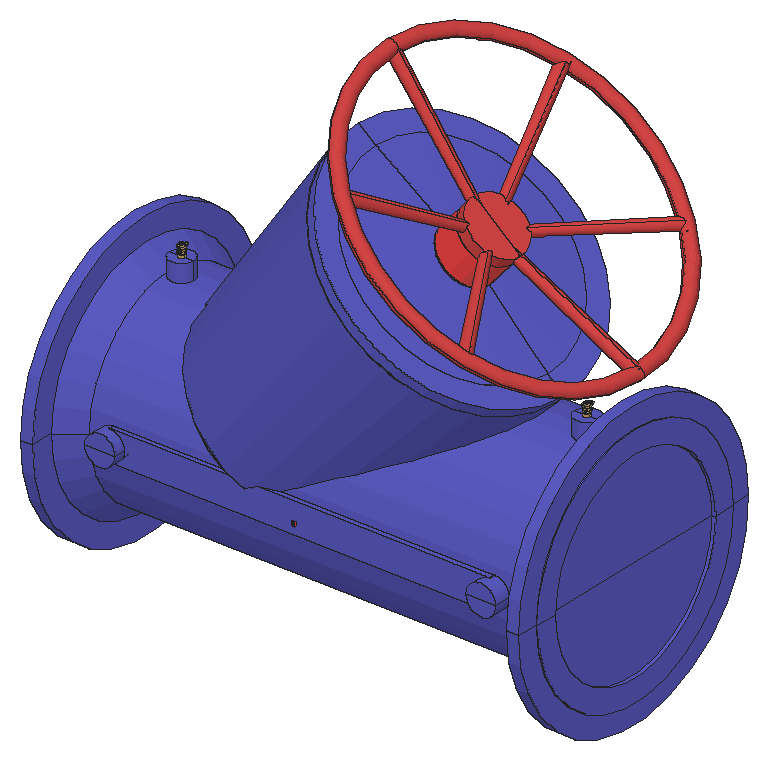
Revit family "Strangregulierventil für Differenzdruckmessung, Schrägsitzform 4218 GF PN16", category Rohrzubehör, Revit 2019
Family settings
  Bemaßung runder Anschluss = Durchmesser verwenden
  Teiletyp = Unterbricht
  OmniClass-Nummer = 23.65.55.14
  OmniClass-Titel = Valves for Liquid Services
  Arbeitsebenenbasiert = Nein
  Immer vertikal = Ja
  Beim Laden mit Abzugskörper schneiden = Nein
  Gemeinsam genutzt = Nein
Parameters
  kvs-Wert [instance] = if(Nennweite = 350.00 mm, 2917.6, if(Nennweite = 400.00 mm, 3854.8, if(Nennweite = 500.00 mm, 5250.6, 0)))  # 5250.6
  Zählvorrichtung = "Kunststoffmaterial"  # constant formula
  W02 = 60.00°  # constant formula
  W01 = 50.00°  # constant formula
  Ventilkegel = "Sphäroguss EN-GJS-400-15 gem. EN 1561/EPDM beschichtet"  # constant formula
  S01 [instance] = Nennweite + 10.00 mm  # 510.00 mm
  Regulierspindel = "Edelstahl"  # constant formula
  Oberteil = "Sphäroguss EN-GJS-400-15"  # constant formula
  O-Ringe = "EPDM"  # constant formula
  L04 [instance] = size_lookup("4218_GF_16_", "L4", 1.00 mm, Nennweite)  # 255.00 mm
  H11 = 85.00 mm  # constant formula
  H10 [instance] = H07 + H03  # 720.30 mm
  H08 = 47.00 mm  # constant formula
  H07 = 50.00 mm  # constant formula
  H06 = 27.00 mm  # constant formula
  H05 [instance] = H04 + 25.00 mm  # 605.00 mm
  H04 [instance] = size_lookup("4218_GF_16_", "H4", 1.00 mm, Nennweite)  # 580.00 mm
  H03 [instance] = size_lookup("4218_GF_16_", "H3", 1.00 mm, Nennweite)  # 670.30 mm
  Gewicht [instance] = if(Nennweite = 350.00 mm, "536.0 kg", if(Nennweite = 400.00 mm, "547.0 kg", if(Nennweite = 500.00 mm, "968.0 kg", "0")))  # "968.0 kg"
  Gehäuse = "Sphäroguss EN-GJS-400-15"  # constant formula
  URL = "www.herz-armaturen.at"
  SCRNSEQ = "ARM;ARM_TYP=\"STRV\";2"
  SCRNCODE = "05;07;02"  # constant formula
  R02 [instance] = size_lookup("4218_GF_16_", "R2", 1.00 mm, Nennweite)  # 30.00 mm
  R01 [instance] = size_lookup("4218_GF_16_", "R1", 1.00 mm, Nennweite)  # 37.50 mm
  Spindel = "Edelstahl"  # constant formula
  Nennweite [instance] = 500.00 mm
  Medium = "Heizwasserqualität entsprechend ÖNORM H 5195 bzw. VDI Richtlinie 2035.\r\nEthylen und Propylenglykol können in einem Verhältnis von 25-50 vol. [%] gemischt werden."
  Max. Betriebstemperatur = 110 °C  # constant formula
  Min. Betriebstemperatur = -10 °C  # constant formula
  Max. Betriebsdruck = 1600000.0 Pa  # constant formula
  L03 [instance] = size_lookup("4218_GF_16_", "L3", 1.00 mm, Nennweite)  # 505.00 mm
  L02 [instance] = size_lookup("4218_GF_16_", "L2", 1.00 mm, Nennweite)  # 475.00 mm
  L01 [instance] = size_lookup("4218_GF_16_", "L1", 1.00 mm, Nennweite)  # 533.50 mm
  L00 [instance] = size_lookup("4218_GF_16_", "L", 1.00 mm, Nennweite)  # 1250.00 mm
  Hersteller = "HERZ Armaturen Ges.m.b.H."  # constant formula
  H09 [instance] = H03  # 670.30 mm
  H02 [instance] = size_lookup("4218_GF_16_", "H2", 1.00 mm, Nennweite)  # 295.00 mm
  H01 [instance] = size_lookup("4218_GF_16_", "H1", 1.00 mm, Nennweite)  # 292.00 mm
  GT = 10.00 mm  # constant formula
  FLL02 [instance] = size_lookup("4218_GF_16_", "FLL2", 1.00 mm, Nennweite)  # 30.00 mm
  FLL01 [instance] = size_lookup("4218_GF_16_", "FLL1", 1.00 mm, Nennweite)  # 4.00 mm
  FLD03 [instance] = size_lookup("4218_GF_16_", "FLD3", 1.00 mm, Nennweite)  # 254.00 mm
  FLD02 [instance] = size_lookup("4218_GF_16_", "FLD2", 1.00 mm, Nennweite)  # 300.00 mm
  FLD01 [instance] = size_lookup("4218_GF_16_", "FLD1", 1.00 mm, Nennweite)  # 305.00 mm
  FLD00 [instance] = size_lookup("4218_GF_16_", "FLD", 1.00 mm, Nennweite)  # 357.50 mm
  Differenzdruckmessung = "Das STRÖMAX GF Strangregulierventil ist mit zwei Messventilen ausgestattet:\r\nSo ist es möglich, den Differenzdruck mit geeigneten Messgeräten zu messen und die Durchflussmenge entsprechend zu bestimmen."
  DN500 [instance] = Nennweite = 500.00 mm  # yes
  DN400 [instance] = Nennweite = 400.00 mm  # no
  DN350 [instance] = Nennweite = 350.00 mm  # no
  D05 = 75.00 mm  # constant formula
  D04 [instance] = size_lookup("4218_GF_16_", "D4", 1.00 mm, Nennweite)  # 54.00 mm
  D03 [instance] = size_lookup("4218_GF_16_", "D3", 1.00 mm, Nennweite)  # 275.00 mm
  D02 [instance] = D03 - 20.00 mm  # 255.00 mm
  D01 [instance] = size_lookup("4218_GF_16_", "D1", 1.00 mm, Nennweite)  # 334.00 mm
  D00 [instance] = size_lookup("4218_GF_16_", "D", 1.00 mm, Nennweite)  # 278.00 mm
  Bestellnummer [instance] = size_lookup("4218_GF_16_", "Artnr", 0, Nennweite)  # 1421892
  BH02 [instance] = -BH01  # -37.50 mm
  BH01 [instance] = size_lookup("4218_GF_16_", "BH1", 1.00 mm, Nennweite)  # 37.50 mm
  Ausführung = "STRÖMAX-GF-Strangregulierventil mit Messventilen, DN 350-500, Gehäuse Sphäroguss GJS 400-15 gem EN 1561, Flansch gem. EN 1092, PN 16, blaue Emaillierung.\r\nVentiloberteil Sphäroguss GJS 400-15, mit nicht steigen\u0002der Spindel, Spindelabdichtung mittels Dreifach-O-Ring.\r\nVoreinstellschritte werden digital angezeigt."
  Anwendungen = "Zum hydraulischen Abgleich in Heiz- oder Kühlsystemen zum Trennen von Sammelleitungen, Steigleitungen, Wärmetauschern, Heiz- und Kühlregistern."
  Anschluss [instance] = Nennweite / 2  # 250.00 mm
Reference planes
  plane 1 "Mitte (Vorne/hinten)": y = 0
  plane 2: z = 0
  plane 3 "Mitte (Links/rechts)": x = 0
Forms (mm)
  Revolve 1, solid, material "Herz-Marineblau", detail levels fine
    sketch origin (1058.943, 0, 0) x (1, 0, 0) y (0, 1, 0)
      loop
        line (-1679.943, 357.5) -> (-1679.943, 305) -> (-1683.943, 305) -> (-1683.943, 250) -> (-1673.943, 250) -> (-1673.943, 0) -> (-443.943, 0) -> (-443.943, 250) -> (-433.943, 250) -> (-433.943, 305) -> (-437.943, 305) -> (-437.943, 357.5) -> (-467.943, 357.5) -> (-467.943, 300) -> (-525.443, 254)
        arc (-525.443, 254) -> (-1058.943, 278) -> (-1592.443, 254) r 5941.63
        line (-1592.443, 254) -> (-1649.943, 300) -> (-1649.943, 357.5) -> (-1679.943, 357.5)
      axis (-1683.943, 0) -> (-433.943, 0)
    angle from 0 to 360
  Revolve 2, solid, material "Herz-Marineblau", detail levels fine
    sketch origin (0, 0, 0) x (1, 0, 0) y (0, 1, 0)
      loop
        line (-475, 292) -> (-512.5, 292) -> (-512.5, -292) -> (-475, -292) -> (-475, 292)
      axis (-475, 292) -> (-475, -292)
    angle from 0 to 360
  Revolve 3, solid, material "Herz-Marineblau", detail levels fine
    sketch origin (0, 0, 0) x (-1, 0, 0) y (0, 1, 0)
      loop
        line (-475, 292) -> (-512.5, 292) -> (-512.5, -292) -> (-475, -292) -> (-475, 292)
      axis (-475, 292) -> (-475, -292)
    angle from 0 to 360
  Revolve 4, solid, material "Herz-Marineblau", detail levels fine
    sketch origin (0, 0, 0) x (1, 0, 0) y (0, 0, 1)
      loop
        line (-505, 0) -> (-505, 295) -> (-535, 295) -> (-535, 0) -> (-505, 0)
      axis (-505, 295) -> (-505, 0)
    angle from 0 to 360
  Revolve 5, solid, material "Herz-Marineblau", detail levels fine
    sketch origin (0, 0, 0) x (-1, 0, 0) y (0, 0, 1)
      loop
        line (-505, 0) -> (-505, 295) -> (-535, 295) -> (-535, 0) -> (-505, 0)
      axis (-505, 295) -> (-505, 0)
    angle from 0 to 360
  Extrusion 6, solid, material "Herz-Marineblau", visible <- "DN500", detail levels fine
    sketch origin (0, 0, 0) x (1, 0, 0) y (0, 1, 0)
      loop
        arc (-475, -263.998) -> (0, -282.994) -> (475, -263.998) r 5948.094
        line (475, -263.998) -> (475, 263.998)
        arc (475, 263.998) -> (0, 282.994) -> (-475, 263.998) r 5948.094
        line (-475, 263.998) -> (-475, -263.998)
    from -37.5 <- "BH02" to 37.5 <- "BH01"
  Extrusion 7, solid, material "Herz-Marineblau", visible <- "DN400", detail levels fine
    sketch origin (0, 0, 0) x (1, 0, 0) y (0, 1, 0)
      loop
        arc (-410, -209.712) -> (0, -223.005) -> (410, -209.712) r 6329.849
        line (410, -209.712) -> (410, 209.712)
        arc (410, 209.712) -> (0, 223.005) -> (-410, 209.712) r 6329.849
        line (-410, 209.712) -> (-410, -209.712)
    from -37.5 <- "BH02" to 37.5 <- "BH01"
  Extrusion 8, solid, material "Herz-Marineblau", visible <- "DN350", detail levels fine
    sketch origin (0, 0, 0) x (1, 0, 0) y (0, 1, 0)
      loop
        arc (-390, -185.916) -> (0, -255.071) -> (390, -185.916) r 1134.286
        line (390, -185.916) -> (390, 185.916)
        arc (390, 185.916) -> (0, 255.071) -> (-390, 185.916) r 1134.286
        line (-390, 185.916) -> (-390, -185.916)
    from -37.5 <- "BH02" to 37.5 <- "BH01"
  Revolve 9, solid, material "Herz-Marineblau", detail levels fine
    sketch origin (0, 0, 0) x (1, 0, 0) y (0, 0, 1)
      loop
        line (-255, 0) -> (175.861, 513.48) -> (-79.998, 728.171) -> (-407.619, 245.94) -> (-408.367, 213.934) -> (-255, 0)
      axis (-255, 0) -> (175.861, 513.48)
    angle from 0 to 360
  Revolve 10, solid, material "Herz-Marineblau", detail levels fine
    sketch origin (0, 0, 0) x (1, 0, 0) y (0, 0, 1)
      loop
        line (175.861, 513.48) -> (208, 551.782) -> (150.547, 599.991) -> (148.618, 597.693)
        arc (148.618, 597.693) -> (66.389, 659.883) -> (-21.277, 714.143) r 1105.603
        line (-21.277, 714.143) -> (-62.643, 748.854) -> (-79.998, 728.171) -> (175.861, 513.48)
      axis (208, 551.782) -> (175.861, 513.48)
    angle from 0 to 360
  Revolve 11, solid, material "Kunsstoff rot", detail levels fine
    sketch origin (0, 0, 0) x (1, 0, 0) y (0, 0, 1)
      loop
        line (208, 551.782) -> (262.637, 616.896) -> (205.184, 665.105) -> (150.547, 599.991) -> (208, 551.782)
      axis (262.637, 616.896) -> (208, 551.782)
    angle from 0 to 360
Lines and regions (mm)
  model lines, detail levels coarse+medium
    curve 1: line (-625, 0, 357.5) -> (-625, 0, -357.5)
    curve 2: line (-625, 0, -357.5) -> (625, 0, 357.5)
    curve 3: line (625, 0, 357.5) -> (625, 0, -357.5)
    curve 4: line (625, 0, -357.5) -> (-625, 0, 357.5)
    curve 5: line (0, 0, 0) -> (386.998, 0, 670.3)
    curve 6: line (166.161, 0, 797.8) -> (607.834, 0, 542.8)
    curve 7: line (-625, 357.5, 0) -> (-625, -357.5, 0)
    curve 8: line (-625, -357.5, 0) -> (625, 357.5, 0)
    curve 9: line (625, 357.5, 0) -> (625, -357.5, 0)
    curve 10: line (625, -357.5, 0) -> (-625, 357.5, 0)
    curve 11: line (0, 0, 0) -> (386.998, 670.3, 0)
    curve 12: line (166.161, 797.8, 0) -> (607.834, 542.8, 0)
Dimensions and locks
  "FLD00": plane 1 "Mitte (Vorne/hinten)" to Revolve 1 sketch curve
  "FLD01": plane 1 "Mitte (Vorne/hinten)" to Revolve 1 sketch curve
  "FLD02": plane 1 "Mitte (Vorne/hinten)" to Revolve 1 sketch curve  (x2)
  "FLD03": plane 1 "Mitte (Vorne/hinten)" to Revolve 1 sketch curve  (x2)
  "GT": Revolve 1 sketch curve to Revolve 1 sketch curve  (x2)
  "FLL01": Revolve 1 sketch curve to Revolve 1 sketch curve  (x2)
  "FLL02": Revolve 1 sketch curve to Revolve 1 sketch curve  (x2)
  equal spacing: Revolve 1 sketch curve, plane 3 "Mitte (Links/rechts)", Revolve 1 sketch curve
  "Anschluss": Revolve 1 sketch curve to plane 1 "Mitte (Vorne/hinten)"
  "Anschluss": plane 1 "Mitte (Vorne/hinten)" to Revolve 1 sketch curve
  "FLD01": Revolve 1 sketch curve to plane 1 "Mitte (Vorne/hinten)"
  "FLD00": Revolve 1 sketch curve to plane 1 "Mitte (Vorne/hinten)"
  "L00": Revolve 1 sketch curve to Revolve 1 sketch curve
  "D00": plane 1 "Mitte (Vorne/hinten)" to Revolve 1 sketch curve
  "L01": Revolve 1 sketch curve to plane 3 "Mitte (Links/rechts)" to Revolve 1 sketch curve
  "L02": Revolve 2 sketch curve to plane 3 "Mitte (Links/rechts)"
  "R01": Revolve 2 sketch curve to Revolve 2 sketch curve
  "H01": Revolve 2 sketch curve to plane 1 "Mitte (Vorne/hinten)" to Revolve 2 sketch curve
  "L02": plane 3 "Mitte (Links/rechts)" to Revolve 3 sketch curve
  "R01": Revolve 3 sketch curve to Revolve 3 sketch curve
  "H01": Revolve 3 sketch curve to plane 1 "Mitte (Vorne/hinten)" to Revolve 3 sketch curve
  "L03": plane 3 "Mitte (Links/rechts)" to Revolve 4 sketch curve
  "R02": Revolve 4 sketch curve to Revolve 4 sketch curve
  "H02": Revolve 4 sketch curve to plane 2
  "R02": Revolve 5 sketch curve to Revolve 5 sketch curve
  "L03": Revolve 5 sketch curve to plane 3 "Mitte (Links/rechts)"
  "H02": Revolve 5 sketch curve to plane 2
  "L03": plane 3 "Mitte (Links/rechts)" to nested 1
  "L03": nested 2 to plane 3 "Mitte (Links/rechts)"
  "H02": nested 1 to plane 2
  "H02": nested 2 to plane 2
  "FLD00": curve 4 to plane 2 to curve 2
  "FLD00": curve 3 to plane 2 to curve 4
  equal spacing: curve 1, plane 3 "Mitte (Links/rechts)", curve 3
  "L00": curve 1 to curve 3
  "H09": curve 5 to plane 2
  equal spacing: curve 1, curve 5, curve 3
  equal spacing: curve 6, curve 5, curve 6
  "S01": curve 6 to curve 6
  "FLD00": curve 8 to plane 1 "Mitte (Vorne/hinten)" to curve 10
  "FLD00": curve 10 to plane 1 "Mitte (Vorne/hinten)" to curve 9
  equal spacing: curve 7, plane 3 "Mitte (Links/rechts)", curve 9
  "L00": curve 7 to curve 9
  equal spacing: curve 7, curve 11, curve 9
  "H09": plane 1 "Mitte (Vorne/hinten)" to curve 11
  equal spacing: curve 12, curve 11, curve 12
  "S01": curve 12 to curve 12
  "L04": plane 3 "Mitte (Links/rechts)" to Revolve 9 sketch curve  (x2)
  "H03": Revolve 9 sketch curve to Revolve 9 sketch curve
  "D02": Revolve 9 sketch curve to Revolve 9 sketch curve
  "H05": Revolve 9 sketch curve to Revolve 9 sketch curve
  "H04": Revolve 9 sketch curve to Revolve 9 sketch curve
  "D03": Revolve 9 sketch curve to Revolve 9 sketch curve
  "H03": Revolve 10 sketch curve to Revolve 10 sketch curve
  "D01": Revolve 10 sketch curve to Revolve 10 sketch curve  (x2)
  "D04": Revolve 10 sketch curve to Revolve 10 sketch curve
  "D05": Revolve 10 sketch curve to Revolve 10 sketch curve
  "H06": Revolve 9 to Revolve 10 sketch curve
  "H07": Revolve 9 to Revolve 10 sketch curve
  "H08": Revolve 9 to Revolve 10 sketch curve
  "L04": plane 3 "Mitte (Links/rechts)" to Revolve 10 sketch curve
  "D01": Revolve 9 sketch curve to Revolve 9 sketch curve
  "L04": plane 3 "Mitte (Links/rechts)" to Revolve 11 sketch curve
  "H11": Revolve 10 to Revolve 11 sketch curve
  "D05": Revolve 11 sketch curve to Revolve 11 sketch curve  (x2)
  "H10": Revolve 11 sketch curve to Revolve 11 sketch curve
  "W02": angle plane 2 to curve 5
  "W02": angle plane 1 "Mitte (Vorne/hinten)" to curve 11
  "W01": angle plane 2 to Revolve 9 sketch curve  (x2)
  "W01": angle plane 2 to Revolve 10 sketch curve  (x2)
  "W01": angle plane 2 to Revolve 11 sketch curve  (x2)
  aligned and locked: level to plane 2
Automatic sketch dimensions
  Extrusion 6 sketch curve to plane 3 "Mitte (Links/rechts)" = 0.00 mm  (x2)
  plane 1 "Mitte (Vorne/hinten)" to Extrusion 6 sketch curve = 263.998 mm
  Extrusion 6 sketch curve to plane 3 "Mitte (Links/rechts)" = 475.00 mm
  Extrusion 6 sketch curve to Extrusion 6 sketch curve = 5401.102 mm
  Extrusion 6 sketch curve to plane 1 "Mitte (Vorne/hinten)" = 5665.10 mm
  Extrusion 6 sketch curve to plane 1 "Mitte (Vorne/hinten)" = 263.998 mm  (x2)
  Extrusion 7 sketch curve to plane 3 "Mitte (Links/rechts)" = 0.00 mm  (x2)
  plane 1 "Mitte (Vorne/hinten)" to Extrusion 7 sketch curve = 209.712 mm  (x2)
  Extrusion 7 sketch curve to plane 3 "Mitte (Links/rechts)" = 410.00 mm
  Extrusion 7 sketch curve to Extrusion 7 sketch curve = 5897.131 mm
  Extrusion 7 sketch curve to plane 1 "Mitte (Vorne/hinten)" = 6106.844 mm
  Extrusion 7 sketch curve to plane 1 "Mitte (Vorne/hinten)" = 209.712 mm
  Extrusion 8 sketch curve to plane 3 "Mitte (Links/rechts)" = 0.00 mm  (x2)
  plane 1 "Mitte (Vorne/hinten)" to Extrusion 8 sketch curve = 185.916 mm
  Extrusion 8 sketch curve to plane 3 "Mitte (Links/rechts)" = 390.00 mm
  Extrusion 8 sketch curve to Extrusion 8 sketch curve = 693.298 mm
  Extrusion 8 sketch curve to plane 1 "Mitte (Vorne/hinten)" = 879.214 mm
  Extrusion 8 sketch curve to plane 1 "Mitte (Vorne/hinten)" = 185.916 mm  (x2)
  plane 1 "Mitte (Vorne/hinten)" to Revolve 1 sketch curve = 0.00 mm  (x2)
  Revolve 1 sketch curve to Revolve 1 sketch curve = 35.00 mm
  Revolve 1 sketch curve to Revolve 1 sketch curve = 40.00 mm
  Revolve 2 sketch curve to Revolve 2 sketch curve = 0.00 mm  (x3)
  Revolve 3 sketch curve to Revolve 3 sketch curve = 0.00 mm  (x3)
  Revolve 4 sketch curve to level = 0.00 mm  (x2)
  Revolve 4 sketch curve to Revolve 4 sketch curve = 0.00 mm  (x2)
  Revolve 5 sketch curve to level = 0.00 mm  (x2)
  Revolve 5 sketch curve to Revolve 5 sketch curve = 0.00 mm  (x2)
  Revolve 9 sketch curve to level = 0.00 mm  (x2)
  Revolve 10 sketch curve to level = 0.00 mm
  Revolve 10 sketch curve to level = 252.062 mm
  Revolve 11 sketch curve to level = 0.00 mm
Nested families
  nested 1: "Messstutzen_Band_Eintritt_senkrecht_(oben)" at (-505, 0, 286), type "Messstutzen_Band_Eintritt_senkrecht_(oben)", detail levels fine
    with Schutzkappe yes, Nennweite 0.00 mm, Gewicht 0.00 kg, Bestellnummer 0
  nested 2: "Messstutzen_Band_Austritt_senkrecht_(oben)" at (505, 0, 286), type "Messstutzen_Band_Austritt_senkrecht_(oben)", detail levels fine
    with Schutzkappe yes, Nennweite 0.00 mm, Gewicht 0.00 kg, Bestellnummer 0
  nested 3: "Herz-Logo-vorne" at (0, -282.994, 0) x (0, 1, 0) z (0, 0, 1), visible <- "DN500", type "Herz-Logo-vorne", detail levels fine
  nested 4: "Herz-Logo-vorne" at (0, -221.503, 0) x (0, 1, 0) z (0, 0, 1), visible <- "DN400", type "Herz-Logo-vorne", detail levels fine
  nested 5: "Herz-Logo-vorne" at (0, -255.053, 0) x (0, 1, 0) z (0, 0, 1), visible <- "DN350", type "Herz-Logo-vorne", detail levels fine
  nested 6: "Strangregulierventil-Handrad_VOLL-Schräg (Rot) DN350-DN400" at (211.704, 0, 501.376), visible <- "DN350", type "Strangregulierventil-Handrad_VOLL-Schräg (Rot) DN350-DN400"
    with DN300 yes
  nested 7: "Strangregulierventil-Handrad_VOLL-Schräg (Rot) DN350-DN400" at (230.272, 0, 547.339), visible <- "DN400", type "Strangregulierventil-Handrad_VOLL-Schräg (Rot) DN350-DN400"
    with DN300 yes
  nested 8: "Strangregulierventil-Handrad_VOLL-Schräg (Rot) DN500" at (262.637, 0, 616.896), visible <- "DN500", type "Strangregulierventil-Handrad_VOLL-Schräg (Rot) DN500", detail levels fine
    with DN300 yes
Connectors
  piping at (-625, 0, 0), diameter 500, driven by "Nennweite"
    settings: on Revolve 1, index 1, connector inside diameter 609.6 mm, connector length 0.00 mm, flow factor 0, pipe flow 0.0 L/s, pressure drop 0.0 Pa, fitting loss kfactor 0, connector angle 0.00°, fixture units 0, engagement length 0.00 mm, angle of deflection 0.00°, flow configuration 0, flow direction 1, fitting loss method 0, system type 29, joint type 0, gender type 0, connector reference index -1, connector utility 0, adjustable connector no, is connector primary yes, connector description ""
  piping at (625, 0, 0), diameter 500, driven by "Nennweite"
    settings: on Revolve 1, index 2, connector inside diameter 609.6 mm, connector length 0.00 mm, flow factor 0, pipe flow 0.0 L/s, pressure drop 0.0 Pa, fitting loss kfactor 0, connector angle 0.00°, fixture units 0, engagement length 0.00 mm, angle of deflection 0.00°, flow configuration 0, flow direction 2, fitting loss method 0, system type 29, joint type 0, gender type 0, connector reference index -1, connector utility 0, adjustable connector no, is connector primary no, connector description ""
Definition of nested family "Messstutzen_Band_Eintritt_senkrecht_(oben)"
  Parameters (values of type "Messstutzen_Band_Eintritt_senkrecht_(oben)")
    URL = "www.herz-armaturen.at"
    Schutzkappe [instance] = yes
    Nennweite [instance] = 0.00 mm
    Manufacturer = "Herz Armaturen GmbH"  # constant formula
    Gewicht [instance] = 0.00 kg
    Bestellnummer [instance] = 0
  Reference planes
    plane 1 "Mitte (Vorne/hinten)": y = 0
    plane 2: z = 0
    plane 3 "Mitte (Links/rechts)": x = 0
    plane 4 "Schlaufe 1": z = -27
    plane 5 "Schlaufe 2": z = -31.678
  Forms (mm)
    Revolve 1, solid, detail levels fine
      sketch origin (0, 0, 0) x (1, 0, 0) y (0, 0, 1)
        loop
          line (-7.4, 9) -> (-5.55, 9) -> (-5.55, 6)
          arc (-5.55, 6) -> (-5.626, 5.617) -> (-5.843, 5.293) r 1
          line (-5.843, 5.293) -> (-6.455, 4.681) -> (-6.455, 0.9) -> (-5.555, 0) -> (-2, 0) -> (-2, 17.5) -> (-8.4, 17.5)
          arc (-8.4, 17.5) -> (-7.693, 17.207) -> (-7.4, 16.5) r 1
          line (-7.4, 16.5) -> (-7.4, 9)
        loop
          line (-3.7, 27) -> (-7.3, 27) -> (-7.9, 26.4) -> (-7.9, 23) -> (-2, 23) -> (-2, 35.8) -> (-3.805, 35.8) -> (-4.415, 35.19) -> (-4.415, 30.863) -> (-3.7, 30.45) -> (-3.7, 27)
        axis (0, 0) -> (0, 35.8)
      angle from 0 to 360
    Extrusion 2, solid, detail levels fine
      sketch origin (0, 0, 17.5) x (0, 1, 0) y (-1, 0, 0)
        loop
          arc (-7.07, 5.156) -> (-7.578, 4.375) -> (-8, 3.544) r 8.75
          line (-8, 3.544) -> (-8, -3.544)
          arc (-8, -3.544) -> (-7.578, -4.375) -> (-7.07, -5.156) r 8.75
          line (-7.07, -5.156) -> (-0.93, -8.7)
          arc (-0.93, -8.7) -> (0, -8.75) -> (0.93, -8.7) r 8.75
          line (0.93, -8.7) -> (7.07, -5.156)
          arc (7.07, -5.156) -> (7.578, -4.375) -> (8, -3.544) r 8.75
          line (8, -3.544) -> (8, 3.544)
          arc (8, 3.544) -> (7.578, 4.375) -> (7.07, 5.156) r 8.75
          line (7.07, 5.156) -> (0.93, 8.7)
          arc (0.93, 8.7) -> (0, 8.75) -> (-0.93, 8.7) r 8.75
          line (-0.93, 8.7) -> (-7.07, 5.156)
      from 0 to 5.5
    Revolve 3, solid, visible <- "Schutzkappe", detail levels fine
      sketch origin (0, 0, 0) x (1, 0, 0) y (0, 0, 1)
        loop
          line (0, 35.878) -> (0, 36.678) -> (-7, 36.678) -> (-7, 33.378) -> (-6.1, 33.378) -> (-6.1, 31.678) -> (-6.9, 31.678) -> (-6.9, 30.178) -> (-4.415, 30.178) -> (-4.415, 35.268) -> (-3.805, 35.878) -> (0, 35.878)
        axis (0, 30.178) -> (0, 36.678)
      angle from 0 to 360
    Extrusion 4, solid, detail levels fine
      sketch origin (0, 0, 28.5) x (1, 0, 0) y (0, 1, 0)
        loop
          circle (0, 0) r 3.7
        loop
          arc (-3.906, 5.505) -> (0, -6.75) -> (3.906, 5.505) r 6.75
          arc (3.906, 5.505) -> (2.358, 7.288) -> (1.8, 9.582) r 5
          line (1.8, 9.582) -> (-1.8, 9.582)
          arc (-1.8, 9.582) -> (-2.358, 7.288) -> (-3.906, 5.505) r 5
      from 0 to -1.5
    Extrusion 5, solid, detail levels fine
      sketch origin (0, 0, 33.178) x (1, 0, 0) y (0, 1, 0)
        loop
          circle (0, 0) r 6.1
        loop
          arc (-4.495, 8.652) -> (0, -9.75) -> (4.495, 8.652) r 9.75
          arc (4.495, 8.652) -> (2.527, 10.493) -> (1.8, 13.089) r 5
          line (1.8, 13.089) -> (-1.8, 13.089)
          arc (-1.8, 13.089) -> (-2.527, 10.493) -> (-4.495, 8.652) r 5
      from 0 to -1.5
    Sweep 6, solid, detail levels fine
      path origin (0, 0, 0) x (0, 0, -1) y (0, -1, 0)
        loop
          line (-27.75, -9.582) -> (-27.75, -14.522)
          arc (-27.75, -14.522) -> (-30.089, -16.862) -> (-32.428, -14.522) r 2.339
          line (-32.428, -14.522) -> (-32.428, -13.089)
      profile origin (0, 12.052, 27.75) x (0, 0, 1) y (1, 0, 0)
        loop
          line (-0.75, -1.8) -> (0.75, -1.8) -> (0.75, 1.8) -> (-0.75, 1.8) -> (-0.75, -1.8)
  Dimensions and locks
    aligned and locked: level to plane 2
Definition of nested family "Messstutzen_Band_Austritt_senkrecht_(oben)"
  Parameters (values of type "Messstutzen_Band_Austritt_senkrecht_(oben)")
    URL = "www.herz-armaturen.at"
    Schutzkappe [instance] = yes
    Nennweite [instance] = 0.00 mm
    Manufacturer = "Herz Armaturen GmbH"  # constant formula
    Gewicht [instance] = 0.00 kg
    Bestellnummer [instance] = 0
  Reference planes
    plane 1 "Mitte (Vorne/hinten)": y = 0
    plane 2: z = 0
    plane 3 "Mitte (Links/rechts)": x = 0
    plane 4 "Schlaufe 1": z = -27
    plane 5 "Schlaufe 2": z = -31.678
  Forms (mm)
    Revolve 1, solid, detail levels fine
      sketch origin (0, 0, 0) x (1, 0, 0) y (0, 0, 1)
        loop
          line (-7.4, 9) -> (-5.55, 9) -> (-5.55, 6)
          arc (-5.55, 6) -> (-5.626, 5.617) -> (-5.843, 5.293) r 1
          line (-5.843, 5.293) -> (-6.455, 4.681) -> (-6.455, 0.9) -> (-5.555, 0) -> (-2, 0) -> (-2, 17.5) -> (-8.4, 17.5)
          arc (-8.4, 17.5) -> (-7.693, 17.207) -> (-7.4, 16.5) r 1
          line (-7.4, 16.5) -> (-7.4, 9)
        loop
          line (-3.7, 27) -> (-7.3, 27) -> (-7.9, 26.4) -> (-7.9, 23) -> (-2, 23) -> (-2, 35.8) -> (-3.805, 35.8) -> (-4.415, 35.19) -> (-4.415, 30.863) -> (-3.7, 30.45) -> (-3.7, 27)
        axis (0, 0) -> (0, 35.8)
      angle from 0 to 360
    Extrusion 2, solid, detail levels fine
      sketch origin (0, 0, 17.5) x (0, 1, 0) y (-1, 0, 0)
        loop
          arc (-7.07, 5.156) -> (-7.578, 4.375) -> (-8, 3.544) r 8.75
          line (-8, 3.544) -> (-8, -3.544)
          arc (-8, -3.544) -> (-7.578, -4.375) -> (-7.07, -5.156) r 8.75
          line (-7.07, -5.156) -> (-0.93, -8.7)
          arc (-0.93, -8.7) -> (0, -8.75) -> (0.93, -8.7) r 8.75
          line (0.93, -8.7) -> (7.07, -5.156)
          arc (7.07, -5.156) -> (7.578, -4.375) -> (8, -3.544) r 8.75
          line (8, -3.544) -> (8, 3.544)
          arc (8, 3.544) -> (7.578, 4.375) -> (7.07, 5.156) r 8.75
          line (7.07, 5.156) -> (0.93, 8.7)
          arc (0.93, 8.7) -> (0, 8.75) -> (-0.93, 8.7) r 8.75
          line (-0.93, 8.7) -> (-7.07, 5.156)
      from 0 to 5.5
    Revolve 3, solid, visible <- "Schutzkappe", detail levels fine
      sketch origin (0, 0, 0) x (1, 0, 0) y (0, 0, 1)
        loop
          line (0, 35.878) -> (0, 36.678) -> (-7, 36.678) -> (-7, 33.378) -> (-6.1, 33.378) -> (-6.1, 31.678) -> (-6.9, 31.678) -> (-6.9, 30.178) -> (-4.415, 30.178) -> (-4.415, 35.268) -> (-3.805, 35.878) -> (0, 35.878)
        axis (0, 30.178) -> (0, 36.678)
      angle from 0 to 360
    Extrusion 4, solid, detail levels fine
      sketch origin (0, 0, 28.5) x (1, 0, 0) y (0, 1, 0)
        loop
          circle (0, 0) r 3.7
        loop
          arc (-3.906, 5.505) -> (0, -6.75) -> (3.906, 5.505) r 6.75
          arc (3.906, 5.505) -> (2.358, 7.288) -> (1.8, 9.582) r 5
          line (1.8, 9.582) -> (-1.8, 9.582)
          arc (-1.8, 9.582) -> (-2.358, 7.288) -> (-3.906, 5.505) r 5
      from 0 to -1.5
    Extrusion 5, solid, detail levels fine
      sketch origin (0, 0, 33.178) x (1, 0, 0) y (0, 1, 0)
        loop
          circle (0, 0) r 6.1
        loop
          arc (-4.495, 8.652) -> (0, -9.75) -> (4.495, 8.652) r 9.75
          arc (4.495, 8.652) -> (2.527, 10.493) -> (1.8, 13.089) r 5
          line (1.8, 13.089) -> (-1.8, 13.089)
          arc (-1.8, 13.089) -> (-2.527, 10.493) -> (-4.495, 8.652) r 5
      from 0 to -1.5
    Sweep 6, solid, detail levels fine
      path origin (0, 0, 0) x (0, 0, -1) y (0, -1, 0)
        loop
          line (-27.75, -9.582) -> (-27.75, -14.522)
          arc (-27.75, -14.522) -> (-30.089, -16.862) -> (-32.428, -14.522) r 2.339
          line (-32.428, -14.522) -> (-32.428, -13.089)
      profile origin (0, 12.052, 27.75) x (0, 0, 1) y (1, 0, 0)
        loop
          line (-0.75, -1.8) -> (0.75, -1.8) -> (0.75, 1.8) -> (-0.75, 1.8) -> (-0.75, -1.8)
  Dimensions and locks
    aligned and locked: level to plane 2
Definition of nested family "Herz-Logo-vorne"
  Reference planes
    plane 1 "Mitte (Vorne/hinten)": y = 0
    plane 2: z = 0
    plane 3 "Mitte (Links/rechts)": x = 0
  Forms (mm)
    Extrusion 1, solid
      sketch origin (0.732, -0.018, 0.017) x (0, -1, 0) y (0, 0, 1)
        loop
          line (-0.018, -4.517) -> (4.482, -4.517) -> (4.482, 4.483) -> (-4.518, 4.483) -> (-4.518, -4.517) -> (-0.018, -4.517)
        loop
          line (-0.05, -3.48) -> (3.482, -3.48) -> (3.482, 3.483) -> (-3.518, 3.483) -> (-3.518, -3.48) -> (-0.05, -3.48)
        loop
          arc (-0.018, 2.383) -> (-1.543, 3.287) -> (-3.067, 2.383) r 1.738
          arc (-3.067, 2.383) -> (-3.191, 1.899) -> (-3.067, 1.415) r 1.009
          line (-3.067, 1.415) -> (-0.018, -3.281) -> (3.032, 1.415)
          arc (3.032, 1.415) -> (3.156, 1.899) -> (3.032, 2.383) r 1.009
          arc (3.032, 2.383) -> (1.507, 3.287) -> (-0.018, 2.383) r 1.738
        loop
          arc (1.885, 1.272) -> (2.005, 1.675) -> (1.885, 2.079) r 0.74
          arc (1.885, 2.079) -> (1.265, 2.416) -> (0.644, 2.079) r 0.74
          line (0.644, 2.079) -> (-0.018, 0.97) -> (-0.679, 2.079)
          arc (-0.679, 2.079) -> (-1.3, 2.416) -> (-1.921, 2.079) r 0.74
          arc (-1.921, 2.079) -> (-2.04, 1.675) -> (-1.921, 1.272) r 0.74
          line (-1.921, 1.272) -> (-0.018, -1.658) -> (1.885, 1.272)
      from 0 to 1.5
  Dimensions and locks
    aligned and locked: level to plane 2
Definition of nested family "Strangregulierventil-Handrad_VOLL-Schräg (Rot) DN350-DN400"
  Parameters (values of type "Strangregulierventil-Handrad_VOLL-Schräg (Rot) DN350-DN400")
    DN300 [instance] = yes
  Reference planes
    plane 1 "Mitte (Vorne/hinten)": y = 0
    plane 2: z = 0
    plane 3 "Mitte (Links/rechts)": x = 0
  Forms (mm)
    Revolve 1, solid, detail levels fine
      sketch origin (0, 0, 0) x (0.766044, 0, -0.642788) y (0.642788, 0, 0.766044)
        loop
          line (0, 0) -> (0, 30) -> (-75, 30) -> (-75, 0) -> (0, 0)
        loop
          line (-316.85, 58.85) -> (-316.85, 42.85) -> (-280.85, 42.85) -> (-280.85, 58.85)
          arc (-280.85, 58.85) -> (-298.85, 76.85) -> (-316.85, 58.85) r 18
        axis (0, 58.85) -> (0, 0)
      angle from 0 to 360
    Revolve 2, solid, detail levels fine
      sketch origin (0, 0, 0) x (0.766044, 0, -0.642788) y (0.642788, 0, 0.766044)
        loop
          line (299.245, 74.817) -> (49.107, 26.195) -> (50.831, 16.343) -> (301.153, 65.001) -> (299.245, 74.817)
        axis (50.832, 16.338) -> (301.154, 64.996)
      angle from 0 to 360
    Revolve 3, solid, detail levels fine
      sketch origin (0, 0, 0) x (0.236721, 0.951057, -0.198632) y (0.642788, 0, 0.766044)
        loop
          line (299.245, 74.817) -> (49.107, 26.195) -> (50.831, 16.343) -> (301.153, 65.001) -> (299.245, 74.817)
        axis (50.832, 16.338) -> (301.154, 64.996)
      angle from 0 to 360
    Revolve 4, solid, detail levels fine
      sketch origin (0, 0, 0) x (-0.619743, 0.587785, 0.520026) y (0.642788, 0, 0.766044)
        loop
          line (299.245, 74.817) -> (49.107, 26.195) -> (50.831, 16.343) -> (301.153, 65.001) -> (299.245, 74.817)
        axis (50.832, 16.338) -> (301.154, 64.996)
      angle from 0 to 360
    Revolve 5, solid, detail levels fine
      sketch origin (0, 0, 0) x (-0.619743, -0.587785, 0.520026) y (0.642788, 0, 0.766044)
        loop
          line (299.245, 74.817) -> (49.107, 26.195) -> (50.831, 16.343) -> (301.153, 65.001) -> (299.245, 74.817)
        axis (50.832, 16.338) -> (301.154, 64.996)
      angle from 0 to 360
    Revolve 6, solid, detail levels fine
      sketch origin (0, 0, 0) x (0.236721, -0.951057, -0.198632) y (0.642788, 0, 0.766044)
        loop
          line (299.245, 74.817) -> (49.107, 26.195) -> (50.831, 16.343) -> (301.153, 65.001) -> (299.245, 74.817)
        axis (50.832, 16.338) -> (301.154, 64.996)
      angle from 0 to 360
  Dimensions and locks
    Revolve 1 sketch curve to plane 2 = 255.179 mm
    Revolve 1 sketch curve to Revolve 1 sketch curve = 30.00 mm
    aligned and locked: level to plane 2
Definition of nested family "Strangregulierventil-Handrad_VOLL-Schräg (Rot) DN500"
  Parameters (values of type "Strangregulierventil-Handrad_VOLL-Schräg (Rot) DN500")
    DN300 [instance] = yes
  Reference planes
    plane 1 "Mitte (Vorne/hinten)": y = 0
    plane 2: z = 0
    plane 3 "Mitte (Links/rechts)": x = 0
  Forms (mm)
    Revolve 1, solid, detail levels fine
      sketch origin (0, 0, 0) x (0.766044, 0, -0.642788) y (0.642788, 0, 0.766044)
        loop
          line (0, 0) -> (0, 30) -> (-75, 30) -> (-75, 0) -> (0, 0)
        loop
          circle (-400, 94.75) r 16.85
        axis (0, 94.75) -> (0, 0)
      angle from 0 to 360
    Revolve 2, solid, detail levels fine
      sketch origin (0, 0, 0) x (0.766044, 0, -0.642788) y (0.642788, 0, 0.766044)
        loop
          line (400.44, 94.852) -> (397.067, 109.46) -> (48.97, 25.68) -> (51.251, 14.235) -> (400.44, 94.852)
        axis (51.251, 14.235) -> (400.44, 94.852)
      angle from 0 to 360
    Revolve 3, solid, detail levels fine
      sketch origin (0, 0, 0) x (0.383022, 0.866025, -0.321394) y (0.642788, 0, 0.766044)
        loop
          line (400.44, 94.852) -> (397.067, 109.46) -> (48.97, 25.68) -> (51.251, 14.235) -> (400.44, 94.852)
        axis (51.251, 14.235) -> (400.44, 94.852)
      angle from 0 to 360
    Revolve 4, solid, detail levels fine
      sketch origin (0, 0, 0) x (-0.383022, 0.866025, 0.321394) y (0.642788, 0, 0.766044)
        loop
          line (400.44, 94.852) -> (397.067, 109.46) -> (48.97, 25.68) -> (51.251, 14.235) -> (400.44, 94.852)
        axis (51.251, 14.235) -> (400.44, 94.852)
      angle from 0 to 360
    Revolve 5, solid, detail levels fine
      sketch origin (0, 0, 0) x (-0.766044, 0, 0.642788) y (0.642788, 0, 0.766044)
        loop
          line (400.44, 94.852) -> (397.067, 109.46) -> (48.97, 25.68) -> (51.251, 14.235) -> (400.44, 94.852)
        axis (51.251, 14.235) -> (400.44, 94.852)
      angle from 0 to 360
    Revolve 6, solid, detail levels fine
      sketch origin (0, 0, 0) x (-0.383022, -0.866025, 0.321394) y (0.642788, 0, 0.766044)
        loop
          line (400.44, 94.852) -> (397.067, 109.46) -> (48.97, 25.68) -> (51.251, 14.235) -> (400.44, 94.852)
        axis (51.251, 14.235) -> (400.44, 94.852)
      angle from 0 to 360
    Revolve 7, solid, detail levels fine
      sketch origin (0, 0, 0) x (0.383022, -0.866025, -0.321394) y (0.642788, 0, 0.766044)
        loop
          line (400.44, 94.852) -> (397.067, 109.46) -> (48.97, 25.68) -> (51.251, 14.235) -> (400.44, 94.852)
        axis (51.251, 14.235) -> (400.44, 94.852)
      angle from 0 to 360
  Dimensions and locks
    Revolve 1 sketch curve to Revolve 1 sketch curve = 30.00 mm
    Revolve 1 sketch curve to Revolve 1 sketch curve = 416.85 mm
    Revolve 1 sketch curve to level = 346.548 mm
    Revolve 1 sketch curve to Revolve 1 sketch curve = 75.00 mm
    aligned and locked: level to plane 2
